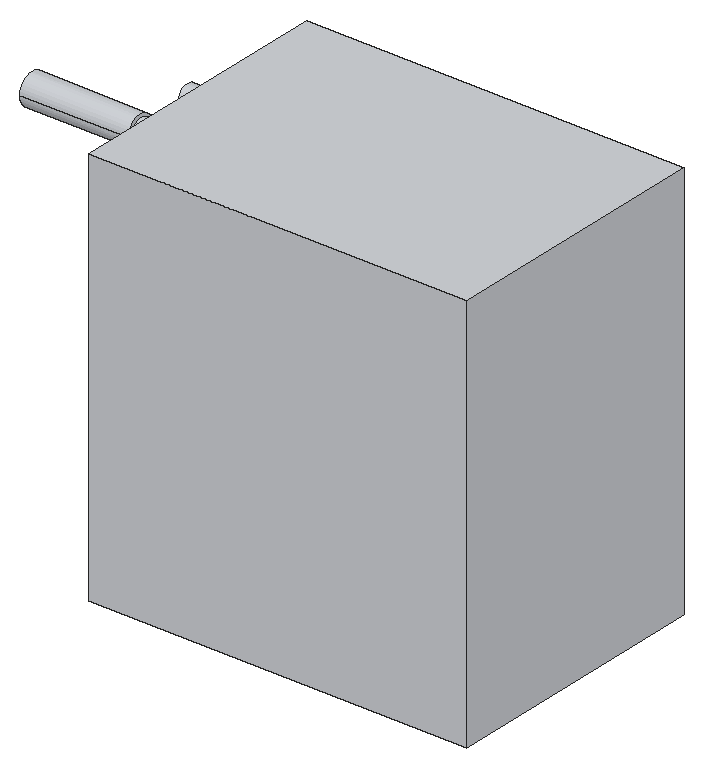
Revit family "Little Amp_Bfit 400-1000 Boiler", category Mechanical Equipment, Revit 2021
Family settings
  Round Connector Dimension = Use Diameter
  Part Type = Normal
  OmniClass Number = 23.75.00.00
  OmniClass Title = Climate Control (HVAC)
  Work Plane-Based = No
  Always vertical = Yes
  Cut with Voids When Loaded = No
  Shared = No
  Room Calculation Point = No
Parameters (values of type "Little Amp/Bfit 400 Boiler")
  Width = 26 1/8"
  Vent Y = 19.731"
  Vent X = 16.121"
  Vent Length = 5 145/256"
  Vent O.D. = 4.98"
  Vent I.D. = 4.548"
  Length = 36 5/16"
  Height = 38 69/128"
  Voltage = ""
  Vent = "4\""
  Manufacturer = "Bryan Steam"  # constant formula
  Hydronic Supply = "2\" NPT Female"
  Hydronic Return = "2\" NPT Male"
  Gas Train Y = 27.797"
  Gas Train X = 23 1/4"
  Gas Train Dia. = 1.05"
  Gas Train Ball Valve Y = 27.797"
  Gas Train Ball Valve X = 23 1/4"
  Gas Train Ball Valve Dia. = 1 1/2"
  Gas Train = "3/4\" NPT Female"
  Default Elevation = 0"
  Condensate Trap = "1\" Pipe"
  Boiler Drain = "3/4\" NPT Female"
  Air Supply Y = 12.31"
  Air Supply X = 5 13/16"
  Air Supply Length = 2 69/128"
  Air Supply O.D. = 5 1/16"
  Air Supply I.D. = 4.53"
  Air Supply = "4\""
Types (6): name | Vent Y | Vent Length | Vent O.D. | Vent I.D. | Length | Vent | Gas Train Y | Gas Train X | Gas Train Dia. | Gas Train Ball Valve Y | Gas Train Ball Valve X | Gas Train Ball Valve Dia. | Gas Train | Air Supply Length | Air Supply O.D. | Air Supply I.D. | Air Supply
  (no name) | 19.731" | 5 145/256" | 4.98" | 4.548" | 36 5/16" | "4\"" | 27.797" | 23 1/4" | 1.05" | 27.797" | 23 1/4" | 1 1/2" | "3/4\" NPT Female" | 2 69/128" | 5 1/16" | 4.53" | "4\""
  Little Amp/Bfit 500 Boiler | 19.731" | 5 145/256" | 4.98" | 4.548" | 36 5/16" | "4\"" | 27 69/128" | 22 217/256" | 1.05" | 27 69/128" | 22 217/256" | 1 1/2" | "3/4\" NPT Female" | 2 69/128" | 5 1/16" | 4.53" | "4\""
  Little Amp/Bfit 400 Boiler | 19.731" | 5 145/256" | 4.98" | 4.548" | 36 5/16" | "4\"" | 27.797" | 23 1/4" | 1.05" | 27.797" | 23 1/4" | 1 1/2" | "3/4\" NPT Female" | 2 69/128" | 5 1/16" | 4.53" | "4\""
  Little Amp/Bfit 650 Boiler | 19 207/256" | 7 21/256" | 7 31/256" | 6 43/64" | 52 1/8" | "6\"" | 27 23/256" | 22 197/256" | 1 81/256" | 27 23/256" | 22 197/256" | 1 201/256" | "1\" NPT Female" | 1 111/256" | 5 7/8" | 5 149/256" | "6\""
  Little Amp/Bfit 800 Boiler | 19 207/256" | 7 21/256" | 7 31/256" | 6 43/64" | 52 1/8" | "6\"" | 27 5/8" | 22 107/128" | 1 81/256" | 27 5/8" | 22 107/128" | 1 201/256" | "1\" NPT Female" | 1 111/256" | 5 7/8" | 5 149/256" | "6\""
  Little Amp/Bfit 1000 Boiler | 19 207/256" | 7 21/256" | 7 31/256" | 6 43/64" | 52 1/8" | "6\"" | 27 5/8" | 22 107/128" | 1 81/256" | 27 5/8" | 22 107/128" | 1 201/256" | "1\" NPT Female" | 1 111/256" | 5 7/8" | 5 149/256" | "6\""
Reference planes (in)
  plane 1 "Center (Front/Back)": y = 0
  plane 2: z = 0
  plane 3 "Center (Left/Right)": x = 0
  plane 4 "Vent": y = 3.75
  plane 5 "Condensate Trap": y = -12
  plane 6 "Supply 2.5" Victualic Elbow Style 10": x = 1.375
  plane 7 "3" Supply Manifold": z = 44.375
  plane 8 "3" Supply Elbow Victaulic Style 10": y = 12.875
Forms (in)
  Extrusion 1, solid
    sketch origin (0, 0, 0) x (1, 0, 0) y (0, 1, 0)
      loop
        line (-18.15625, 13.0625) -> (-18.15625, -13.0625) -> (18.15625, -13.0625) -> (18.15625, 13.0625) -> (-18.15625, 13.0625)
    from 0 to 38.53906
  Extrusion 2, solid
    sketch origin (-18.15625, -13.0625, 0) x (0, 1, 0) y (0, 0, -1)
      loop
        circle (5.8125, -12.31) r 2.53125
      loop
        circle (5.8125, -12.31) r 2.265
    from 0 to 2.53906 <- "Air Supply Length"
  Extrusion 3, solid
    sketch origin (-18.15625, -13.0625, 0) x (0, 1, 0) y (0, 0, -1)
      loop
        circle (16.813, -4.073) r 0.6575
    from 0 to 3.85547
  Extrusion 4, solid
    sketch origin (-18.15625, -13.0625, 0) x (0, 1, 0) y (0, 0, -1)
      loop
        circle (16.121, -19.731) r 2.49
      loop
        circle (16.121, -19.731) r 2.274
    from 0 to 5.56641 <- "Vent Length"
  Extrusion 5, solid
    sketch origin (-18.15625, -13.0625, 0) x (0, 1, 0) y (0, 0, -1)
      loop
        circle (16.121, -35.097) r 1.1875
    from 0 to 3.43359
  Extrusion 6, solid
    sketch origin (-18.15625, -13.0625, 0) x (0, 1, 0) y (0, 0, -1)
      loop
        circle (16.121, -26.526) r 0.525
    from 0 to 4.19531
  Extrusion 7, solid
    sketch origin (-18.15625, -13.0625, 0) x (0, 1, 0) y (0, 0, -1)
      loop
        circle (23.25, -27.797) r 0.525
    from 0 to 1.24219
  Extrusion 8, solid
    sketch origin (-18.15625, -13.0625, 0) x (0, 1, 0) y (0, 0, -1)
      loop
        circle (9.881, -35.097) r 1.1875
    from 0 to 2.97656
  Extrusion 9, solid
    sketch origin (-21.13281, -13.0625, 0) x (0, 1, 0) y (0, 0, -1)
      loop
        circle (9.881, -35.097) r 1.46
    from 0 to 10.44531
  Extrusion 10, solid
    sketch origin (-22.35156, -13.0625, 0) x (0, 1, 0) y (0, 0, -1)
      loop
        circle (16.121, -26.526) r 0.763
    from 0 to 2.36328
  Extrusion 11, solid
    sketch origin (-19.39844, -13.0625, 0) x (0, 1, 0) y (0, 0, -1)
      loop
        circle (23.25, -27.797) r 0.75
    from 0 to 2.67188
Dimensions and locks (in)
  "Height": Extrusion 1 to level
  equal spacing: Extrusion 1 sketch curve, plane 3 "Center (Left/Right)", Extrusion 1 sketch curve
  "Length": Extrusion 1 sketch curve to Extrusion 1 sketch curve
  equal spacing: Extrusion 1 sketch curve, plane 1 "Center (Front/Back)", Extrusion 1 sketch curve
  "Width": Extrusion 1 sketch curve to Extrusion 1 sketch curve
  locked: level to plane 7 "3" Supply Manifold" at 44.375
  locked: plane 3 "Center (Left/Right)" to plane 6 "Supply 2.5" Victualic Elbow Style 10" at 1.375
  locked: plane 8 "3" Supply Elbow Victaulic Style 10" to plane 1 "Center (Front/Back)" at 12.875
  locked: plane 4 "Vent" to plane 1 "Center (Front/Back)" at 3.75
  locked: plane 5 "Condensate Trap" to plane 1 "Center (Front/Back)" at 12
  "Air Supply Y": Extrusion 1 to Extrusion 2 sketch curve  (x2)
  locked: Extrusion 3 sketch curve to Extrusion 1 at 16.813
  "Vent X": Extrusion 4 sketch curve to Extrusion 1  (x2)
  locked: Extrusion 5 sketch curve to Extrusion 1 at 16.121
  locked: Extrusion 1 to Extrusion 5 sketch curve at 35.097
  locked: Extrusion 1 to Extrusion 3 sketch curve at 4.073
  "Air Supply X": Extrusion 2 sketch curve to Extrusion 1  (x2)
  "Vent Y": Extrusion 1 to Extrusion 4 sketch curve  (x2)
  locked: Extrusion 1 to Extrusion 6 sketch curve at 26.526
  locked: Extrusion 6 sketch curve to Extrusion 1 at 16.121
  "Gas Train X": Extrusion 7 sketch curve to Extrusion 1
  "Gas Train Y": Extrusion 1 to Extrusion 7 sketch curve
  locked: Extrusion 1 to Extrusion 8 sketch curve at 35.097
  locked: Extrusion 8 sketch curve to Extrusion 1 at 9.881
  locked: Extrusion 9 sketch curve to Extrusion 1 at 9.881
  locked: Extrusion 1 to Extrusion 9 sketch curve at 35.097
  locked: Extrusion 10 sketch curve to Extrusion 1 at 16.121
  locked: Extrusion 1 to Extrusion 10 sketch curve at 26.526
  "Gas Train Ball Valve Y": Extrusion 1 to Extrusion 11 sketch curve
  "Gas Train Ball Valve X": Extrusion 11 sketch curve to Extrusion 1
  "Gas Train Dia.": diameter of Extrusion 7 sketch curve
  "Gas Train Ball Valve Dia.": diameter of Extrusion 11 sketch curve
  "Air Supply O.D.": diameter of Extrusion 2 sketch curve
  "Air Supply I.D.": diameter of Extrusion 2 sketch curve
  "Vent I.D.": diameter of Extrusion 4 sketch curve
  "Vent O.D.": diameter of Extrusion 4 sketch curve
  aligned and locked: level to plane 2
Automatic sketch dimensions
  radius of Extrusion 3 sketch curve = 0.6575"
  radius of Extrusion 5 sketch curve = 1 3/16"
  radius of Extrusion 6 sketch curve = 0.525"
  radius of Extrusion 8 sketch curve = 1 3/16"
  radius of Extrusion 9 sketch curve = 1.46"
  radius of Extrusion 10 sketch curve = 0.763"
Connectors (in)
  piping at (-21.58984, 3.0585, 35.097), diameter 2
    settings: on Extrusion 5, index 1, connector inside diameter 24", connector length 0", flow factor 0, pipe flow 0 GPM, pressure drop 0.00 psi, fitting loss kfactor 0, connector angle 0.00°, fixture units 0, engagement length 0", angle of deflection 0.00°, flow configuration 0, flow direction 1, fitting loss method 0, system type 8, joint type 0, gender type 0, connector reference index -1, connector utility 0, adjustable connector no, is connector primary yes, connector description ""
  piping at (-31.57812, -3.1815, 35.097), diameter 2
    settings: on Extrusion 9, index 2, connector inside diameter 24", connector length 0", flow factor 0, pipe flow 0 GPM, pressure drop 0.00 psi, fitting loss kfactor 0, connector angle 0.00°, fixture units 0, engagement length 0", angle of deflection 0.00°, flow configuration 0, flow direction 2, fitting loss method 0, system type 7, joint type 0, gender type 0, connector reference index -1, connector utility 0, adjustable connector no, is connector primary no, connector description ""
  piping at (-24.71484, 3.0585, 26.526), diameter 0.75
    settings: on Extrusion 10, index 3, connector inside diameter 24", connector length 0", flow factor 0, pipe flow 0 GPM, pressure drop 0.00 psi, fitting loss kfactor 0, connector angle 0.00°, fixture units 0, engagement length 0", angle of deflection 0.00°, flow configuration 0, flow direction 2, fitting loss method 0, system type 22, joint type 0, gender type 0, connector reference index -1, connector utility 0, adjustable connector no, is connector primary no, connector description ""
  piping at (-22.07031, 10.1875, 27.797), diameter 1.05, driven by "Gas Train Dia."
    settings: on Extrusion 11, index 4, connector inside diameter 24", connector length 0", flow factor 0, pipe flow 0 GPM, pressure drop 0.00 psi, fitting loss kfactor 0, connector angle 0.00°, fixture units 0, engagement length 0", angle of deflection 0.00°, flow configuration 0, flow direction 1, fitting loss method 0, system type 22, joint type 0, gender type 0, connector reference index -1, connector utility 0, adjustable connector no, is connector primary no, connector description ""
  piping at (-22.01172, 3.7505, 4.073), diameter 1
    settings: on Extrusion 3, index 5, connector inside diameter 24", connector length 0", flow factor 0, pipe flow 0 GPM, pressure drop 0.00 psi, fitting loss kfactor 0, connector angle 0.00°, fixture units 0, engagement length 0", angle of deflection 0.00°, flow configuration 0, flow direction 2, fitting loss method 0, system type 22, joint type 0, gender type 0, connector reference index -1, connector utility 0, adjustable connector no, is connector primary no, connector description ""
  piping at (-23.72266, 3.0585, 19.731), diameter 4.548, driven by "Vent I.D."
    settings: on Extrusion 4, index 6, connector inside diameter 24", connector length 0", flow factor 0, pipe flow 0 GPM, pressure drop 0.00 psi, fitting loss kfactor 0, connector angle 0.00°, fixture units 0, engagement length 0", angle of deflection 0.00°, flow configuration 0, flow direction 2, fitting loss method 0, system type 17, joint type 0, gender type 0, connector reference index -1, connector utility 0, adjustable connector no, is connector primary no, connector description ""
  piping at (-20.69531, -7.25, 12.31), diameter 4.53, driven by "Air Supply I.D."
    settings: on Extrusion 2, index 7, connector inside diameter 24", connector length 0", flow factor 0, pipe flow 0 GPM, pressure drop 0.00 psi, fitting loss kfactor 0, connector angle 0.00°, fixture units 0, engagement length 0", angle of deflection 0.00°, flow configuration 0, flow direction 1, fitting loss method 0, system type 22, joint type 0, gender type 0, connector reference index -1, connector utility 0, adjustable connector no, is connector primary no, connector description ""
